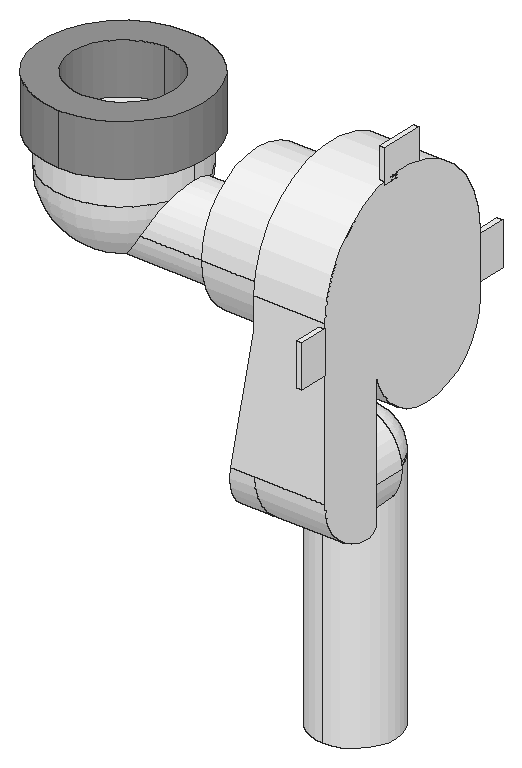
Revit family "HL_Сифон для писсуаров_HL431", category Příslušenství trubek, Revit 2016
Family settings
  Typ součásti = Normální
  Kóta kulaté spojky = Použít průměr
  Číslo OmniClass = 23.70.50.00
  Nadpis OmniClass = Liquid Waste Handling Services
  Založené na pracovní rovině = Ne
  Vždy vertikální = Ano
  Ořezat dutým tvarem při načtení = Ne
  Sdílené = Ne
Parameters (values of type "HL431_40")
  РАЗМЕР = "DN40"
  ПРОПУСКНАЯ СПОСОБНОСТЬ = 0.0 m³/h
  ПРОИЗВОДИТЕЛЬНОСТЬ = "0,7l/s"
  ПРАВОВАЯ ИНФОРМАЦИЯ = "\"Авторские права(©), права на дизайн или какие либо другие права интелектуальной собственности являются исключительной собственностью компании HL Hutterer & Lechner. Изменению не подлежит. Файл семейства с данными о прозводителе изделия защищен паролем с водяным знаком.\""
  НОРМЫ = "DIN1380, DIN19541"
  НОМИНАЛЬНЫЙ ДИАМЕТР = 40 mm
  МАТЕРИАЛ = "PP"
  ВЕС = "0,25 kg"
  x [instance] = if(Угол установки выходной < Угол установки выходной минимум, -10 mm, if(Угол установки выходной > Угол установки выходной максимум, -10 mm, 25.5 mm))  # 25.5 mm
  n = 20 mm
  d [instance] = 121.7 mm
  c [instance] = 120.4 mm
  b = 104.4 mm
  a [instance] = if(Угол установки выходной = 0.00°, d, c)  # 120.4 mm
  Výrobce = "HL Hutterer & Lechner GmbH"
  URL = "http://www.hutterer-lechner.com/ru/products/catalog/roof-drains/HL431/40.aspx"
  Угол установки выходной минимум [instance] = 0.00°
  Угол установки выходной максимум [instance] = 90.00°
  Угол установки выходной [instance] = 90.00°
  Popis = "Сифон для писсуаров DN40"
  Model = "HL431/40"
  материал 2 = Plactic - Black
  материал = Plactic - White
  Komentáře k typům = "Сифон DN40 для писсуаров с вертикальным выпуском"
  Keynote = "HL431/40"
  EAN = "9003076000777"
  Cena = 0
Types (3, lengths in mm): name | РАЗМЕР | НОМИНАЛЬНЫЙ ДИАМЕТР | ВЕС | n | d | c | b | a | URL | Popis | Model | Komentáře k typům | Keynote | EAN
  (no name) | "DN40" | 40 | "0,25 kg" | 20 | 121.7 | 120.4 | 104.4 | 120.4 | "http://www.hutterer-lechner.com/ru/products/catalog/roof-drains/HL431/40.aspx" | "Сифон для писсуаров DN40" | "HL431/40" | "Сифон DN40 для писсуаров с вертикальным выпуском" | "HL431/40" | "9003076000777"
  HL431_40 | "DN40" | 40 | "0,25 kg" | 20 | 121.7 | 120.4 | 104.4 | 120.4 | "http://www.hutterer-lechner.com/ru/products/catalog/roof-drains/HL431/40.aspx" | "Сифон для писсуаров DN40" | "HL431/40" | "Сифон DN40 для писсуаров с вертикальным выпуском" | "HL431/40" | "9003076000777"
  HL431_50 | "DN50" | 50 | "0,26 kg" | 25 | 118.7 | 118.4 | 110.2 | 118.4 | "http://www.hutterer-lechner.com/ru/products/catalog/roof-drains/HL431/50.aspx" | "Сифон для писсуаров DN50" | "HL431/50" | "Сифон DN50 для писсуаров с вертикальным выпуском" | "HL431/50" | "9003076000791"
Reference planes
  plane 1 "Střed (vpředu/vzadu)": y = 0
  plane 2: z = 0
  plane 3 "Střed (vlevo/vpravo)": x = 0
  plane 4: x = -26.7
  plane 5: z = -85
  plane 6: x = -73
  plane 7: x = -47.5
  plane 8: x = -35
  plane 9: x = -140
  plane 10: z = 19.494
Forms (mm)
  Revolve 1, solid, material "Plactic - White" <- "материал", detail levels fine
    sketch origin (0, 0, 28.471) x (1, 0, 0) y (0, 0, 1)
      loop
        line (-26.7, -113.471) -> (-26.7, -92.871)
        arc (-26.7, -92.871) -> (-46.7, -112.871) -> (-26.7, -132.871) r 20
        line (-26.7, -132.871) -> (-26.7, -113.471)
      axis (-26.7, -132.871) -> (-26.7, -92.871)
    angle from 0 to 360
  Extrusion 2, solid, material "Plactic - White" <- "материал", detail levels fine
    sketch origin (-47.5, 0, 1200) x (0, -1, 0) y (0, 0, 1)
      loop
        circle (2.5, -1200) r 35
    from 25.5 to -12.5
  Extrusion 3, solid, material "Plactic - White" <- "материал", detail levels fine
    sketch origin (-35, 0, 1200) x (0, -1, 0) y (0, 0, 1)
      loop
        arc (52.386, -1195.821) -> (4.391, -1147.826) -> (-43.604, -1195.821) r 47.995
        line (-43.604, -1195.821) -> (-43.604, -1226.016)
        arc (-43.604, -1226.016) -> (-14.29, -1258.271) -> (20.613, -1232.165) r 32.403
        line (20.613, -1232.165) -> (20.613, -1298.296)
        arc (20.613, -1298.296) -> (22.011, -1301.671) -> (25.386, -1303.069) r 4.774
        arc (25.386, -1303.069) -> (44.478, -1295.161) -> (52.386, -1276.069) r 27
        line (52.386, -1276.069) -> (52.386, -1195.821)
    from 0 to -35
  Extrusion 4, solid, material "Plactic - White" <- "материал", detail levels fine
    sketch origin (-35, 0, 1200) x (0, -1, 0) y (0, 0, 1)
      loop
        arc (25.386, -1303.069) -> (44.478, -1295.161) -> (52.386, -1276.069) r 27
        line (52.386, -1276.069) -> (52.386, -1211.742) -> (20.613, -1211.742) -> (20.613, -1298.296)
        arc (20.613, -1298.296) -> (22.011, -1301.671) -> (25.386, -1303.069) r 4.774
    from 0 to 17.31
  Extrusion 5, void
    sketch origin (0, 0, 0) x (1, 0, 0) y (0, 0, 1)
      loop
        line (-35, -11.742) -> (-35, -4.919) -> (-55.838, -4.919) -> (-55.838, -129.919) -> (-35, -11.742)
    from 0 to 100
  Extrusion 6, solid, material "Plactic - White" <- "материал", detail levels fine
    sketch origin (0, 0, 0) x (0, 1, 0) y (0, 0, 1)
      loop
        line (-52.386, -19.178) -> (-52.386, 1.822) -> (-66.391, 1.822) -> (-66.391, -19.178) -> (-52.386, -19.178)
      loop
        line (57.609, -19.178) -> (57.609, 1.822) -> (43.604, 1.822) -> (43.604, -19.178) -> (57.609, -19.178)
      loop
        line (6.109, 65.822) -> (-14.891, 65.822) -> (-14.891, 49.182) -> (6.109, 49.182) -> (6.109, 65.822)
    from 0 to -2.5
  Extrusion 7, solid, material "Plactic - White" <- "материал", detail levels fine
    sketch origin (0, 0, 0) x (1, 0, 0) y (0, 0, 1)
      loop
        circle (-26.7, -85) r 23
    from 0 to 20.613
  Extrusion 8, solid, material "Plactic - White" <- "материал", detail levels fine
    sketch origin (-73, 0, 1200) x (0, -1, 0) y (0, 0, 1)
      loop
        circle (2.224, -1210.735) r 20
    from 0 to 67
  Revolve 9, solid, material "Plactic - White" <- "материал", detail levels fine
    sketch origin (0, -1.875, 0) x (1, 0, 0) y (0, 0, 1)
      loop
        line (-175.304, 19.494) -> (-175.304, 4.494)
        arc (-175.304, 4.494) -> (-164.963, -20.47) -> (-140, -30.81) r 35.304
        line (-140, -30.81) -> (-140, 19.494) -> (-175.304, 19.494)
      axis (-140, 19.494) -> (-140, -30.81)
    angle from 0 to 360
  Extrusion 10, solid, material "Plactic - Black" <- "материал 2", detail levels fine
    sketch origin (-99.7, -1524, 19.494) x (0, -1, 0) y (-1, 0, 0)
      loop
        circle (-1522.064, 40.3) r 40
      loop
        circle (-1522.064, 40.3) r 25
    from 0 to -25.5
  Sweep 11, solid, material "Plactic - White" <- "материал", detail levels fine
    path origin (-26.7, 0, -85) x (0, 0, -1) y (1, 0, 0)
      loop
        line (0, 0) -> (120.4, 0)
    profile origin (-26.7, 0, -145.2) x (0, -1, 0) y (1, 0, 0)
      loop
        circle (0, 0) r 20
Cuts and joins
  Extrusion 5 cuts Extrusion 3
  Extrusion 5 cuts Extrusion 4
  joined: Extrusion 3, Extrusion 4
Lines and regions (mm)
  reference lines
    curve 1: line (-26.7, 0, -85) -> (-26.7, 0, -205.4)
    curve 6: line (-140, -1.936, 44.994) -> (-140, -1.936, 0)
  model lines, detail levels coarse+medium
    curve 2: line (-140, 0, 0) -> (-26.7, 0, 0)
    curve 3: line (-26.7, 0, 0) -> (-26.7, 0, -85)
    curve 4: line (-26.7, 0, -85) -> (-26.7, 0, -205.4)
    curve 5: line (-140, 0, 44.994) -> (-140, 0, 0)
Dimensions and locks
  plane 2 to plane 5 = 85 mm
  locked: plane 4 to plane 3 "Střed (vlevo/vpravo)" at 26.7
  curve 1 to curve 1 = 120.4 mm
  "a": curve 1 to curve 1
  "b": plane 2 to Revolve 1 sketch curve
  plane 8 to plane 3 "Střed (vlevo/vpravo)" = 35 mm
  plane 7 to plane 8 = 12.5 mm
  "x": plane 6 to plane 7
  "a": curve 4 to curve 4
  locked: curve 1 to Sweep 11 sketch curve at 0
  locked: Sweep 11 sketch curve to curve 1 at 0
  "n": radius of Revolve 1 sketch curve
  "НОМИНАЛЬНЫЙ ДИАМЕТР": diameter of Sweep 11 sketch curve
  "Угол установки выходной": angle curve 1 to plane 5
  aligned and locked: level to plane 2
  aligned and locked: plane 5 to curve 1
  aligned and locked: plane 4 to curve 1
  aligned and locked: plane 4 to curve 4
  aligned and locked: plane 5 to curve 4
  aligned and locked: plane 9 to Extrusion 8
Automatic sketch dimensions
  Extrusion 2 sketch curve to level = 0 mm
  plane 1 "Střed (vpředu/vzadu)" to Extrusion 2 sketch curve = 2.5 mm
  Extrusion 3 sketch curve to plane 1 "Střed (vpředu/vzadu)" = 43.604 mm
  Extrusion 3 sketch curve to plane 1 "Střed (vpředu/vzadu)" = 11.201 mm
  plane 1 "Střed (vpředu/vzadu)" to Extrusion 3 sketch curve = 4.391 mm
  plane 1 "Střed (vpředu/vzadu)" to Extrusion 3 sketch curve = 20.613 mm
  Extrusion 3 sketch curve to Extrusion 3 sketch curve = 4.774 mm
  plane 5 to Extrusion 3 sketch curve = 13.296 mm
  Extrusion 3 sketch curve to plane 5 = 8.931 mm
  Extrusion 3 sketch curve to level = 32.165 mm
  level to Extrusion 3 sketch curve = 4.179 mm
  plane 1 "Střed (vpředu/vzadu)" to Extrusion 4 sketch curve = 20.613 mm
  Extrusion 4 sketch curve to plane 5 = 8.931 mm
  Extrusion 4 sketch curve to Extrusion 4 sketch curve = 4.774 mm  (x2)
  Extrusion 4 sketch curve to Extrusion 4 sketch curve = 27 mm
  Extrusion 4 sketch curve to level = 11.742 mm
  plane 8 to Extrusion 5 sketch curve = 0 mm
  plane 7 to Extrusion 5 sketch curve = 8.338 mm
  plane 5 to Extrusion 5 sketch curve = 44.919 mm
  Extrusion 5 sketch curve to level = 4.919 mm
  Extrusion 5 sketch curve to Extrusion 5 sketch curve = 6.823 mm
  level to Extrusion 6 sketch curve = 1.822 mm  (x2)
  plane 1 "Střed (vpředu/vzadu)" to Extrusion 6 sketch curve = 66.391 mm
  Extrusion 6 sketch curve to Extrusion 6 sketch curve = 14.005 mm  (x2)
  plane 1 "Střed (vpředu/vzadu)" to Extrusion 6 sketch curve = 14.891 mm
  Extrusion 6 sketch curve to plane 1 "Střed (vpředu/vzadu)" = 6.109 mm
  Extrusion 6 sketch curve to level = 19.178 mm  (x2)
  Extrusion 6 sketch curve to plane 1 "Střed (vpředu/vzadu)" = 43.604 mm
  level to Extrusion 6 sketch curve = 49.182 mm
  Extrusion 6 sketch curve to Extrusion 6 sketch curve = 16.64 mm
  plane 4 to Extrusion 7 sketch curve = 0 mm
  Extrusion 7 sketch curve to plane 5 = 0 mm
  plane 1 "Střed (vpředu/vzadu)" to Extrusion 8 sketch curve = 2.224 mm
  Extrusion 8 sketch curve to level = 10.735 mm
  plane 9 to Revolve 9 sketch curve = 0 mm  (x2)
  level to Revolve 9 sketch curve = 4.494 mm
  plane 9 to Revolve 9 sketch curve = 35.304 mm
  Revolve 9 sketch curve to Revolve 9 sketch curve = 15 mm
  plane 5 to Revolve 9 sketch curve = 20.81 mm
  Revolve 9 sketch curve to Revolve 9 sketch curve = 0 mm
  Extrusion 10 sketch curve to Extrusion 10 sketch curve = 0 mm  (x2)
  Extrusion 10 sketch curve to plane 9 = 0 mm
  plane 1 "Střed (vpředu/vzadu)" to Extrusion 10 sketch curve = 1.936 mm
  plane 9 to curve 5 = 0 mm
  curve 2 to level = 0 mm
  plane 4 to curve 3 = 0 mm
  curve 3 to plane 5 = 0 mm
  curve 5 to plane 10 = 25.5 mm
  curve 6 to level = 0 mm
  plane 1 "Střed (vpředu/vzadu)" to curve 6 = 1.936 mm
  curve 6 to plane 10 = 25.5 mm
  plane 4 to Revolve 1 sketch curve = 0 mm  (x2)
  Revolve 1 sketch curve to plane 5 = 0 mm
  Revolve 1 sketch curve to Revolve 1 sketch curve = 0 mm
  level to Revolve 1 sketch curve = 8.335 mm
  Sweep 11 sketch curve to profile plane = 0 mm
  profile plane to Sweep 11 sketch curve = 0 mm
  radius of Extrusion 2 sketch curve = 35 mm
  radius of Extrusion 7 sketch curve = 23 mm
  radius of Extrusion 8 sketch curve = 20 mm
  radius of Extrusion 10 sketch curve = 40 mm
  radius of Extrusion 10 sketch curve = 25 mm
Connectors
  piping at (-26.7, 0, -205.4), diameter 40, driven by "НОМИНАЛЬНЫЙ ДИАМЕТР", driven by "ПРОПУСКНАЯ СПОСОБНОСТЬ"
    settings: on curve 1, index 1, connector inside diameter 609.6 mm, connector length 0 mm, flow factor 0, pipe flow 0.0 m³/h, pressure drop 0.0 Pa, fitting loss kfactor 0, connector angle 0.00°, fixture units 0, engagement length 0 mm, angle of deflection 0.00°, flow configuration 0, flow direction 2, fitting loss method 4, system type 16, joint type 0, gender type 0, connector reference index -1, connector utility 0, adjustable connector no, is connector primary yes, connector description ""
  piping at (-140, -1.936, 44.994), diameter 50
    settings: on curve 6, index 2, connector inside diameter 609.6 mm, connector length 0 mm, flow factor 0, pipe flow 0.0 m³/h, pressure drop 0.0 Pa, fitting loss kfactor 0, connector angle 0.00°, fixture units 0, engagement length 0 mm, angle of deflection 0.00°, flow configuration 0, flow direction 0, fitting loss method 0, system type 29, joint type 0, gender type 0, connector reference index -1, connector utility 0, adjustable connector no, is connector primary no, connector description ""
